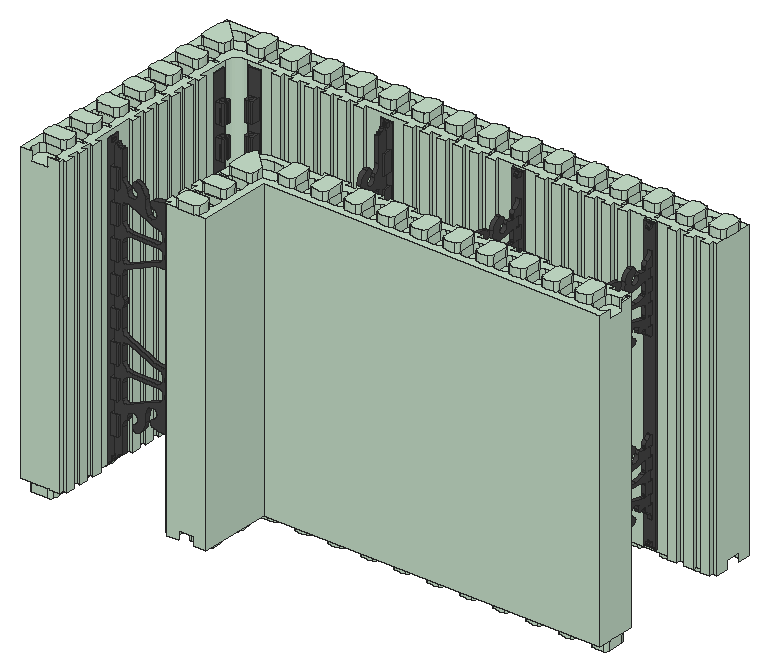
Revit family (continued)
Forms (in)
  Extrusion 50, void
    sketch origin (6, 0, 0) x (-1, 0, 0) y (0, -1, 0)
      loop
        arc (-1.91675, -3.76455) -> (-1.92106, -3.78736) -> (-1.9334, -3.80702) r 0.0625
        arc (-1.9334, -3.80702) -> (-1.98276, -3.88568) -> (-2, -3.97692) r 0.25
        line (-2, -3.97692) -> (-2, -4.89808)
        arc (-2, -4.89808) -> (-1.95215, -5.04517) -> (-1.82692, -5.13595) r 0.25
    from 0 to 0.5
  Extrusion 51, void
    sketch origin (8, 0, 0) x (-1, 0, 0) y (0, -1, 0)
      loop
        arc (-1.82692, -5.13595) -> (-1.5, -5.1875) -> (-1.17308, -5.13595) r 1.0625
        arc (-1.17308, -5.13595) -> (-1.04785, -5.04517) -> (-1, -4.89808) r 0.25
        line (-1, -4.89808) -> (-1, -3.97692)
        arc (-1, -3.97692) -> (-1.04785, -3.82983) -> (-1.17308, -3.73905) r 0.25
        arc (-1.17308, -3.73905) -> (-1.42092, -3.69045) -> (-1.67323, -3.70172) r 1.0625
        arc (-1.67323, -3.70172) -> (-1.72385, -3.68771) -> (-1.74592, -3.64005) r 0.0625
        line (-1.74592, -3.64005) -> (-1.74592, -3.41845) -> (-1.91675, -3.41845) -> (-1.91675, -3.76455)
        arc (-1.91675, -3.76455) -> (-1.92106, -3.78736) -> (-1.9334, -3.80702) r 0.0625
        arc (-1.9334, -3.80702) -> (-1.98276, -3.88568) -> (-2, -3.97692) r 0.25
        line (-2, -3.97692) -> (-2, -4.89808)
        arc (-2, -4.89808) -> (-1.95215, -5.04517) -> (-1.82692, -5.13595) r 0.25
    from 0 to 0.5
  Extrusion 52, void
    sketch origin (10, 0, 0) x (-1, 0, 0) y (0, -1, 0)
      loop
        arc (-1.82692, -5.13595) -> (-1.5, -5.1875) -> (-1.17308, -5.13595) r 1.0625
        arc (-1.17308, -5.13595) -> (-1.04785, -5.04517) -> (-1, -4.89808) r 0.25
        line (-1, -4.89808) -> (-1, -3.97692)
        arc (-1, -3.97692) -> (-1.04785, -3.82983) -> (-1.17308, -3.73905) r 0.25
        arc (-1.17308, -3.73905) -> (-1.42092, -3.69045) -> (-1.67323, -3.70172) r 1.0625
        arc (-1.67323, -3.70172) -> (-1.72385, -3.68771) -> (-1.74592, -3.64005) r 0.0625
        line (-1.74592, -3.64005) -> (-1.74592, -3.41845) -> (-1.91675, -3.41845) -> (-1.91675, -3.76455)
        arc (-1.91675, -3.76455) -> (-1.92106, -3.78736) -> (-1.9334, -3.80702) r 0.0625
        arc (-1.9334, -3.80702) -> (-1.98276, -3.88568) -> (-2, -3.97692) r 0.25
        line (-2, -3.97692) -> (-2, -4.89808)
        arc (-2, -4.89808) -> (-1.95215, -5.04517) -> (-1.82692, -5.13595) r 0.25
    from 0 to 0.5
  Extrusion 53, void
    sketch origin (12, 0, 0) x (-1, 0, 0) y (0, -1, 0)
      loop
        arc (-1.82692, -5.13595) -> (-1.5, -5.1875) -> (-1.17308, -5.13595) r 1.0625
        arc (-1.17308, -5.13595) -> (-1.04785, -5.04517) -> (-1, -4.89808) r 0.25
        line (-1, -4.89808) -> (-1, -3.97692)
        arc (-1, -3.97692) -> (-1.04785, -3.82983) -> (-1.17308, -3.73905) r 0.25
        arc (-1.17308, -3.73905) -> (-1.42092, -3.69045) -> (-1.67323, -3.70172) r 1.0625
        arc (-1.67323, -3.70172) -> (-1.72385, -3.68771) -> (-1.74592, -3.64005) r 0.0625
        line (-1.74592, -3.64005) -> (-1.74592, -3.41845) -> (-1.91675, -3.41845) -> (-1.91675, -3.76455)
        arc (-1.91675, -3.76455) -> (-1.92106, -3.78736) -> (-1.9334, -3.80702) r 0.0625
        arc (-1.9334, -3.80702) -> (-1.98276, -3.88568) -> (-2, -3.97692) r 0.25
        line (-2, -3.97692) -> (-2, -4.89808)
        arc (-2, -4.89808) -> (-1.95215, -5.04517) -> (-1.82692, -5.13595) r 0.25
    from 0 to 0.5
  Extrusion 54, void
    sketch origin (14, 0, 0) x (-1, 0, 0) y (0, -1, 0)
      loop
        arc (-1.82692, -5.13595) -> (-1.5, -5.1875) -> (-1.17308, -5.13595) r 1.0625
        arc (-1.17308, -5.13595) -> (-1.04785, -5.04517) -> (-1, -4.89808) r 0.25
        line (-1, -4.89808) -> (-1, -3.97692)
        arc (-1, -3.97692) -> (-1.04785, -3.82983) -> (-1.17308, -3.73905) r 0.25
        arc (-1.17308, -3.73905) -> (-1.42092, -3.69045) -> (-1.67323, -3.70172) r 1.0625
        arc (-1.67323, -3.70172) -> (-1.72385, -3.68771) -> (-1.74592, -3.64005) r 0.0625
        line (-1.74592, -3.64005) -> (-1.74592, -3.41845) -> (-1.91675, -3.41845) -> (-1.91675, -3.76455)
        arc (-1.91675, -3.76455) -> (-1.92106, -3.78736) -> (-1.9334, -3.80702) r 0.0625
        arc (-1.9334, -3.80702) -> (-1.98276, -3.88568) -> (-2, -3.97692) r 0.25
        line (-2, -3.97692) -> (-2, -4.89808)
        arc (-2, -4.89808) -> (-1.95215, -5.04517) -> (-1.82692, -5.13595) r 0.25
    from 0 to 0.5
  Extrusion 55, void
    sketch origin (16, 0, 0) x (-1, 0, 0) y (0, -1, 0)
      loop
        arc (-1.82692, -5.13595) -> (-1.5, -5.1875) -> (-1.17308, -5.13595) r 1.0625
        arc (-1.17308, -5.13595) -> (-1.04785, -5.04517) -> (-1, -4.89808) r 0.25
        line (-1, -4.89808) -> (-1, -3.97692)
        arc (-1, -3.97692) -> (-1.04785, -3.82983) -> (-1.17308, -3.73905) r 0.25
        arc (-1.17308, -3.73905) -> (-1.42092, -3.69045) -> (-1.67323, -3.70172) r 1.0625
        arc (-1.67323, -3.70172) -> (-1.72385, -3.68771) -> (-1.74592, -3.64005) r 0.0625
        line (-1.74592, -3.64005) -> (-1.74592, -3.41845) -> (-1.91675, -3.41845) -> (-1.91675, -3.76455)
        arc (-1.91675, -3.76455) -> (-1.92106, -3.78736) -> (-1.9334, -3.80702) r 0.0625
        arc (-1.9334, -3.80702) -> (-1.98276, -3.88568) -> (-2, -3.97692) r 0.25
        line (-2, -3.97692) -> (-2, -4.89808)
        arc (-2, -4.89808) -> (-1.95215, -5.04517) -> (-1.82692, -5.13595) r 0.25
    from 0 to 0.5
  Extrusion 56, void
    sketch origin (18, 0, 0) x (-1, 0, 0) y (0, -1, 0)
      loop
        arc (-1.82692, -5.13595) -> (-1.5, -5.1875) -> (-1.17308, -5.13595) r 1.0625
        arc (-1.17308, -5.13595) -> (-1.04785, -5.04517) -> (-1, -4.89808) r 0.25
        line (-1, -4.89808) -> (-1, -3.97692)
        arc (-1, -3.97692) -> (-1.04785, -3.82983) -> (-1.17308, -3.73905) r 0.25
        arc (-1.17308, -3.73905) -> (-1.42092, -3.69045) -> (-1.67323, -3.70172) r 1.0625
        arc (-1.67323, -3.70172) -> (-1.72385, -3.68771) -> (-1.74592, -3.64005) r 0.0625
        line (-1.74592, -3.64005) -> (-1.74592, -3.41845) -> (-1.91675, -3.41845) -> (-1.91675, -3.76455)
        arc (-1.91675, -3.76455) -> (-1.92106, -3.78736) -> (-1.9334, -3.80702) r 0.0625
        arc (-1.9334, -3.80702) -> (-1.98276, -3.88568) -> (-2, -3.97692) r 0.25
        line (-2, -3.97692) -> (-2, -4.89808)
        arc (-2, -4.89808) -> (-1.95215, -5.04517) -> (-1.82692, -5.13595) r 0.25
    from 0 to 0.5
  Extrusion 57, void
    sketch origin (20, 0, 0) x (-1, 0, 0) y (0, -1, 0)
      loop
        arc (-1.82692, -5.13595) -> (-1.5, -5.1875) -> (-1.17308, -5.13595) r 1.0625
        arc (-1.17308, -5.13595) -> (-1.04785, -5.04517) -> (-1, -4.89808) r 0.25
        line (-1, -4.89808) -> (-1, -3.97692)
        arc (-1, -3.97692) -> (-1.04785, -3.82983) -> (-1.17308, -3.73905) r 0.25
        arc (-1.17308, -3.73905) -> (-1.42092, -3.69045) -> (-1.67323, -3.70172) r 1.0625
        arc (-1.67323, -3.70172) -> (-1.72385, -3.68771) -> (-1.74592, -3.64005) r 0.0625
        line (-1.74592, -3.64005) -> (-1.74592, -3.41845) -> (-1.91675, -3.41845) -> (-1.91675, -3.76455)
        arc (-1.91675, -3.76455) -> (-1.92106, -3.78736) -> (-1.9334, -3.80702) r 0.0625
        arc (-1.9334, -3.80702) -> (-1.98276, -3.88568) -> (-2, -3.97692) r 0.25
        line (-2, -3.97692) -> (-2, -4.89808)
        arc (-2, -4.89808) -> (-1.95215, -5.04517) -> (-1.82692, -5.13595) r 0.25
    from 0 to 0.5
  Extrusion 58, void
    sketch origin (22, 0, 0) x (-1, 0, 0) y (0, -1, 0)
      loop
        arc (-1.82692, -5.13595) -> (-1.5, -5.1875) -> (-1.17308, -5.13595) r 1.0625
        arc (-1.17308, -5.13595) -> (-1.04785, -5.04517) -> (-1, -4.89808) r 0.25
        line (-1, -4.89808) -> (-1, -3.97692)
        arc (-1, -3.97692) -> (-1.04785, -3.82983) -> (-1.17308, -3.73905) r 0.25
        arc (-1.17308, -3.73905) -> (-1.42092, -3.69045) -> (-1.67323, -3.70172) r 1.0625
        arc (-1.67323, -3.70172) -> (-1.72385, -3.68771) -> (-1.74592, -3.64005) r 0.0625
        line (-1.74592, -3.64005) -> (-1.74592, -3.41845) -> (-1.91675, -3.41845) -> (-1.91675, -3.76455)
        arc (-1.91675, -3.76455) -> (-1.92106, -3.78736) -> (-1.9334, -3.80702) r 0.0625
        arc (-1.9334, -3.80702) -> (-1.98276, -3.88568) -> (-2, -3.97692) r 0.25
        line (-2, -3.97692) -> (-2, -4.89808)
        arc (-2, -4.89808) -> (-1.95215, -5.04517) -> (-1.82692, -5.13595) r 0.25
    from 0 to 0.5
  Extrusion 59, void
    sketch origin (24, 0, 0) x (-1, 0, 0) y (0, -1, 0)
      loop
        arc (-1.82692, -5.13595) -> (-1.5, -5.1875) -> (-1.17308, -5.13595) r 1.0625
        arc (-1.17308, -5.13595) -> (-1.04785, -5.04517) -> (-1, -4.89808) r 0.25
        line (-1, -4.89808) -> (-1, -3.97692)
        arc (-1, -3.97692) -> (-1.04785, -3.82983) -> (-1.17308, -3.73905) r 0.25
        arc (-1.17308, -3.73905) -> (-1.42092, -3.69045) -> (-1.67323, -3.70172) r 1.0625
        arc (-1.67323, -3.70172) -> (-1.72385, -3.68771) -> (-1.74592, -3.64005) r 0.0625
        line (-1.74592, -3.64005) -> (-1.74592, -3.41845) -> (-1.91675, -3.41845) -> (-1.91675, -3.76455)
        arc (-1.91675, -3.76455) -> (-1.92106, -3.78736) -> (-1.9334, -3.80702) r 0.0625
        arc (-1.9334, -3.80702) -> (-1.98276, -3.88568) -> (-2, -3.97692) r 0.25
        line (-2, -3.97692) -> (-2, -4.89808)
        arc (-2, -4.89808) -> (-1.95215, -5.04517) -> (-1.82692, -5.13595) r 0.25
    from 0 to 0.5
  Extrusion 60, void
    sketch origin (0, -18, 0) x (1, 0, 0) y (0, 1, 0)
      loop
        arc (3.97692, 9) -> (3.82983, 8.95215) -> (3.73905, 8.82692) r 0.25
        arc (3.73905, 8.82692) -> (3.69045, 8.57908) -> (3.70172, 8.32677) r 1.0625
        arc (3.70172, 8.32677) -> (3.68771, 8.27615) -> (3.64005, 8.25408) r 0.0625
        line (3.64005, 8.25408) -> (3.41845, 8.25408) -> (3.41845, 8.08325) -> (3.76455, 8.08325)
        arc (3.76455, 8.08325) -> (3.78736, 8.07894) -> (3.80702, 8.0666) r 0.0625
        arc (3.80702, 8.0666) -> (3.88568, 8.01724) -> (3.97692, 8) r 0.25
        line (3.97692, 8) -> (4.89808, 8)
        arc (4.89808, 8) -> (5.04517, 8.04785) -> (5.13595, 8.17308) r 0.25
        arc (5.13595, 8.17308) -> (5.1875, 8.5) -> (5.13595, 8.82692) r 1.0625
        arc (5.13595, 8.82692) -> (5.04517, 8.95215) -> (4.89808, 9) r 0.25
        line (4.89808, 9) -> (3.97692, 9)
    from 0 to 0.5
  Extrusion 61, void
    sketch origin (0, -16, 0) x (1, 0, 0) y (0, 1, 0)
      loop
        arc (3.97692, 9) -> (3.82983, 8.95215) -> (3.73905, 8.82692) r 0.25
        arc (3.73905, 8.82692) -> (3.69045, 8.57908) -> (3.70172, 8.32677) r 1.0625
        arc (3.70172, 8.32677) -> (3.68771, 8.27615) -> (3.64005, 8.25408) r 0.0625
        line (3.64005, 8.25408) -> (3.41845, 8.25408) -> (3.41845, 8.08325) -> (3.76455, 8.08325)
        arc (3.76455, 8.08325) -> (3.78736, 8.07894) -> (3.80702, 8.0666) r 0.0625
        arc (3.80702, 8.0666) -> (3.88568, 8.01724) -> (3.97692, 8) r 0.25
        line (3.97692, 8) -> (4.89808, 8)
        arc (4.89808, 8) -> (5.04517, 8.04785) -> (5.13595, 8.17308) r 0.25
        arc (5.13595, 8.17308) -> (5.1875, 8.5) -> (5.13595, 8.82692) r 1.0625
        arc (5.13595, 8.82692) -> (5.04517, 8.95215) -> (4.89808, 9) r 0.25
        line (4.89808, 9) -> (3.97692, 9)
    from 0 to 0.5
  Extrusion 62, void
    sketch origin (0, 0, 0) x (0, -1, 0) y (1, 0, 0)
      loop
        line (4.6875, 3.6875) -> (5.5, 3.6875)
        arc (5.5, 3.6875) -> (5.58691, 3.69106) -> (5.67323, 3.70172) r 1.0625
        arc (5.67323, 3.70172) -> (5.72385, 3.68771) -> (5.74592, 3.64005) r 0.0625
        line (5.74592, 3.64005) -> (5.74592, 3.41845) -> (5.91675, 3.41845) -> (5.91675, 3.76455)
        arc (5.91675, 3.76455) -> (5.92106, 3.78736) -> (5.9334, 3.80702) r 0.0625
        arc (5.9334, 3.80702) -> (5.98276, 3.88568) -> (6, 3.97692) r 0.25
        line (6, 3.97692) -> (6, 4.89808)
        arc (6, 4.89808) -> (5.95215, 5.04517) -> (5.82692, 5.13595) r 0.25
        arc (5.82692, 5.13595) -> (5.66548, 5.17453) -> (5.5, 5.1875) r 1.0625
        line (5.5, 5.1875) -> (5.1875, 5.1875) -> (3.98039, 3.98039)
        arc (3.98039, 3.98039) -> (4.30482, 3.76362) -> (4.6875, 3.6875) r 1
    from 0 to 0.5
  Extrusion 63, void
    sketch origin (14, 0, 0) x (-1, 0, 0) y (0, -1, 0)
      loop
        arc (7, 3.97692) -> (7.04785, 3.82983) -> (7.17308, 3.73905) r 0.25
        arc (7.17308, 3.73905) -> (7.42092, 3.69045) -> (7.67323, 3.70172) r 1.0625
        arc (7.67323, 3.70172) -> (7.72385, 3.68771) -> (7.74592, 3.64005) r 0.0625
        line (7.74592, 3.64005) -> (7.74592, 3.41845) -> (7.91675, 3.41845) -> (7.91675, 3.76455)
        arc (7.91675, 3.76455) -> (7.92106, 3.78736) -> (7.9334, 3.80702) r 0.0625
        arc (7.9334, 3.80702) -> (7.98276, 3.88568) -> (8, 3.97692) r 0.25
        line (8, 3.97692) -> (8, 4.89808)
        arc (8, 4.89808) -> (7.95215, 5.04517) -> (7.82692, 5.13595) r 0.25
        arc (7.82692, 5.13595) -> (7.5, 5.1875) -> (7.17308, 5.13595) r 1.0625
        arc (7.17308, 5.13595) -> (7.04785, 5.04517) -> (7, 4.89808) r 0.25
        line (7, 4.89808) -> (7, 3.97692)
    from 0 to 0.5
  Extrusion 64, void
    sketch origin (16, 0, 0) x (-1, 0, 0) y (0, -1, 0)
      loop
        arc (7, 3.97692) -> (7.04785, 3.82983) -> (7.17308, 3.73905) r 0.25
        arc (7.17308, 3.73905) -> (7.42092, 3.69045) -> (7.67323, 3.70172) r 1.0625
        arc (7.67323, 3.70172) -> (7.72385, 3.68771) -> (7.74592, 3.64005) r 0.0625
        line (7.74592, 3.64005) -> (7.74592, 3.41845) -> (7.91675, 3.41845) -> (7.91675, 3.76455)
        arc (7.91675, 3.76455) -> (7.92106, 3.78736) -> (7.9334, 3.80702) r 0.0625
        arc (7.9334, 3.80702) -> (7.98276, 3.88568) -> (8, 3.97692) r 0.25
        line (8, 3.97692) -> (8, 4.89808)
        arc (8, 4.89808) -> (7.95215, 5.04517) -> (7.82692, 5.13595) r 0.25
        arc (7.82692, 5.13595) -> (7.5, 5.1875) -> (7.17308, 5.13595) r 1.0625
        arc (7.17308, 5.13595) -> (7.04785, 5.04517) -> (7, 4.89808) r 0.25
        line (7, 4.89808) -> (7, 3.97692)
    from 0 to 0.5
  Extrusion 65, void
    sketch origin (18, 0, 0) x (-1, 0, 0) y (0, -1, 0)
      loop
        arc (7, 3.97692) -> (7.04785, 3.82983) -> (7.17308, 3.73905) r 0.25
        arc (7.17308, 3.73905) -> (7.42092, 3.69045) -> (7.67323, 3.70172) r 1.0625
        arc (7.67323, 3.70172) -> (7.72385, 3.68771) -> (7.74592, 3.64005) r 0.0625
        line (7.74592, 3.64005) -> (7.74592, 3.41845) -> (7.91675, 3.41845) -> (7.91675, 3.76455)
        arc (7.91675, 3.76455) -> (7.92106, 3.78736) -> (7.9334, 3.80702) r 0.0625
        arc (7.9334, 3.80702) -> (7.98276, 3.88568) -> (8, 3.97692) r 0.25
        line (8, 3.97692) -> (8, 4.89808)
        arc (8, 4.89808) -> (7.95215, 5.04517) -> (7.82692, 5.13595) r 0.25
        arc (7.82692, 5.13595) -> (7.5, 5.1875) -> (7.17308, 5.13595) r 1.0625
        arc (7.17308, 5.13595) -> (7.04785, 5.04517) -> (7, 4.89808) r 0.25
        line (7, 4.89808) -> (7, 3.97692)
    from 0 to 0.5
  Extrusion 66, void
    sketch origin (20, 0, 0) x (-1, 0, 0) y (0, -1, 0)
      loop
        arc (7, 3.97692) -> (7.04785, 3.82983) -> (7.17308, 3.73905) r 0.25
        arc (7.17308, 3.73905) -> (7.42092, 3.69045) -> (7.67323, 3.70172) r 1.0625
        arc (7.67323, 3.70172) -> (7.72385, 3.68771) -> (7.74592, 3.64005) r 0.0625
        line (7.74592, 3.64005) -> (7.74592, 3.41845) -> (7.91675, 3.41845) -> (7.91675, 3.76455)
        arc (7.91675, 3.76455) -> (7.92106, 3.78736) -> (7.9334, 3.80702) r 0.0625
        arc (7.9334, 3.80702) -> (7.98276, 3.88568) -> (8, 3.97692) r 0.25
        line (8, 3.97692) -> (8, 4.89808)
        arc (8, 4.89808) -> (7.95215, 5.04517) -> (7.82692, 5.13595) r 0.25
        arc (7.82692, 5.13595) -> (7.5, 5.1875) -> (7.17308, 5.13595) r 1.0625
        arc (7.17308, 5.13595) -> (7.04785, 5.04517) -> (7, 4.89808) r 0.25
        line (7, 4.89808) -> (7, 3.97692)
    from 0 to 0.5
  Extrusion 67, void
    sketch origin (22, 0, 0) x (-1, 0, 0) y (0, -1, 0)
      loop
        arc (7, 3.97692) -> (7.04785, 3.82983) -> (7.17308, 3.73905) r 0.25
        arc (7.17308, 3.73905) -> (7.42092, 3.69045) -> (7.67323, 3.70172) r 1.0625
        arc (7.67323, 3.70172) -> (7.72385, 3.68771) -> (7.74592, 3.64005) r 0.0625
        line (7.74592, 3.64005) -> (7.74592, 3.41845) -> (7.91675, 3.41845) -> (7.91675, 3.76455)
        arc (7.91675, 3.76455) -> (7.92106, 3.78736) -> (7.9334, 3.80702) r 0.0625
        arc (7.9334, 3.80702) -> (7.98276, 3.88568) -> (8, 3.97692) r 0.25
        line (8, 3.97692) -> (8, 4.89808)
        arc (8, 4.89808) -> (7.95215, 5.04517) -> (7.82692, 5.13595) r 0.25
        arc (7.82692, 5.13595) -> (7.5, 5.1875) -> (7.17308, 5.13595) r 1.0625
        arc (7.17308, 5.13595) -> (7.04785, 5.04517) -> (7, 4.89808) r 0.25
        line (7, 4.89808) -> (7, 3.97692)
    from 0 to 0.5
  Extrusion 68, void
    sketch origin (24, 0, 0) x (-1, 0, 0) y (0, -1, 0)
      loop
        arc (7, 3.97692) -> (7.04785, 3.82983) -> (7.17308, 3.73905) r 0.25
        arc (7.17308, 3.73905) -> (7.42092, 3.69045) -> (7.67323, 3.70172) r 1.0625
        arc (7.67323, 3.70172) -> (7.72385, 3.68771) -> (7.74592, 3.64005) r 0.0625
        line (7.74592, 3.64005) -> (7.74592, 3.41845) -> (7.91675, 3.41845) -> (7.91675, 3.76455)
        arc (7.91675, 3.76455) -> (7.92106, 3.78736) -> (7.9334, 3.80702) r 0.0625
        arc (7.9334, 3.80702) -> (7.98276, 3.88568) -> (8, 3.97692) r 0.25
        line (8, 3.97692) -> (8, 4.89808)
        arc (8, 4.89808) -> (7.95215, 5.04517) -> (7.82692, 5.13595) r 0.25
        arc (7.82692, 5.13595) -> (7.5, 5.1875) -> (7.17308, 5.13595) r 1.0625
        arc (7.17308, 5.13595) -> (7.04785, 5.04517) -> (7, 4.89808) r 0.25
        line (7, 4.89808) -> (7, 3.97692)
    from 0 to 0.5
  Extrusion 69, void
    sketch origin (26, 0, 0) x (-1, 0, 0) y (0, -1, 0)
      loop
        arc (7, 3.97692) -> (7.04785, 3.82983) -> (7.17308, 3.73905) r 0.25
        arc (7.17308, 3.73905) -> (7.42092, 3.69045) -> (7.67323, 3.70172) r 1.0625
        arc (7.67323, 3.70172) -> (7.72385, 3.68771) -> (7.74592, 3.64005) r 0.0625
        line (7.74592, 3.64005) -> (7.74592, 3.41845) -> (7.91675, 3.41845) -> (7.91675, 3.76455)
        arc (7.91675, 3.76455) -> (7.92106, 3.78736) -> (7.9334, 3.80702) r 0.0625
        arc (7.9334, 3.80702) -> (7.98276, 3.88568) -> (8, 3.97692) r 0.25
        line (8, 3.97692) -> (8, 4.89808)
        arc (8, 4.89808) -> (7.95215, 5.04517) -> (7.82692, 5.13595) r 0.25
        arc (7.82692, 5.13595) -> (7.5, 5.1875) -> (7.17308, 5.13595) r 1.0625
        arc (7.17308, 5.13595) -> (7.04785, 5.04517) -> (7, 4.89808) r 0.25
        line (7, 4.89808) -> (7, 3.97692)
    from 0 to 0.5
  Extrusion 70, void
    sketch origin (28, 0, 0) x (-1, 0, 0) y (0, -1, 0)
      loop
        arc (7, 3.97692) -> (7.04785, 3.82983) -> (7.17308, 3.73905) r 0.25
        arc (7.17308, 3.73905) -> (7.42092, 3.69045) -> (7.67323, 3.70172) r 1.0625
        arc (7.67323, 3.70172) -> (7.72385, 3.68771) -> (7.74592, 3.64005) r 0.0625
        line (7.74592, 3.64005) -> (7.74592, 3.41845) -> (7.91675, 3.41845) -> (7.91675, 3.76455)
        arc (7.91675, 3.76455) -> (7.92106, 3.78736) -> (7.9334, 3.80702) r 0.0625
        arc (7.9334, 3.80702) -> (7.98276, 3.88568) -> (8, 3.97692) r 0.25
        line (8, 3.97692) -> (8, 4.89808)
        arc (8, 4.89808) -> (7.95215, 5.04517) -> (7.82692, 5.13595) r 0.25
        arc (7.82692, 5.13595) -> (7.5, 5.1875) -> (7.17308, 5.13595) r 1.0625
        arc (7.17308, 5.13595) -> (7.04785, 5.04517) -> (7, 4.89808) r 0.25
        line (7, 4.89808) -> (7, 3.97692)
    from 0 to 0.5
  Extrusion 71, void
    sketch origin (30, 0, 0) x (-1, 0, 0) y (0, -1, 0)
      loop
        arc (7, 3.97692) -> (7.04785, 3.82983) -> (7.17308, 3.73905) r 0.25
        arc (7.17308, 3.73905) -> (7.42092, 3.69045) -> (7.67323, 3.70172) r 1.0625
        arc (7.67323, 3.70172) -> (7.72385, 3.68771) -> (7.74592, 3.64005) r 0.0625
        line (7.74592, 3.64005) -> (7.74592, 3.41845) -> (7.91675, 3.41845) -> (7.91675, 3.76455)
        arc (7.91675, 3.76455) -> (7.92106, 3.78736) -> (7.9334, 3.80702) r 0.0625
        arc (7.9334, 3.80702) -> (7.98276, 3.88568) -> (8, 3.97692) r 0.25
        line (8, 3.97692) -> (8, 4.89808)
        arc (8, 4.89808) -> (7.95215, 5.04517) -> (7.82692, 5.13595) r 0.25
        arc (7.82692, 5.13595) -> (7.5, 5.1875) -> (7.17308, 5.13595) r 1.0625
        arc (7.17308, 5.13595) -> (7.04785, 5.04517) -> (7, 4.89808) r 0.25
        line (7, 4.89808) -> (7, 3.97692)
    from 0 to 0.5
  Extrusion 72, void
    sketch origin (32, 0, 0) x (-1, 0, 0) y (0, -1, 0)
      loop
        arc (7, 3.97692) -> (7.04785, 3.82983) -> (7.17308, 3.73905) r 0.25
        arc (7.17308, 3.73905) -> (7.42092, 3.69045) -> (7.67323, 3.70172) r 1.0625
        arc (7.67323, 3.70172) -> (7.72385, 3.68771) -> (7.74592, 3.64005) r 0.0625
        line (7.74592, 3.64005) -> (7.74592, 3.41845) -> (7.91675, 3.41845) -> (7.91675, 3.76455)
        arc (7.91675, 3.76455) -> (7.92106, 3.78736) -> (7.9334, 3.80702) r 0.0625
        arc (7.9334, 3.80702) -> (7.98276, 3.88568) -> (8, 3.97692) r 0.25
        line (8, 3.97692) -> (8, 4.89808)
        arc (8, 4.89808) -> (7.95215, 5.04517) -> (7.82692, 5.13595) r 0.25
        arc (7.82692, 5.13595) -> (7.5, 5.1875) -> (7.17308, 5.13595) r 1.0625
        arc (7.17308, 5.13595) -> (7.04785, 5.04517) -> (7, 4.89808) r 0.25
        line (7, 4.89808) -> (7, 3.97692)
    from 0 to 0.5
  Extrusion 73, void
    sketch origin (0, 0, 0) x (1, 0, 0) y (0, 1, 0)
      loop
        line (-3.6875, 3.6875) -> (-4.89461, 4.89461)
        arc (-4.89461, 4.89461) -> (-5.11138, 4.57018) -> (-5.1875, 4.1875) r 1
        line (-5.1875, 4.1875) -> (-5.1875, 3.5)
        arc (-5.1875, 3.5) -> (-5.17453, 3.33452) -> (-5.13595, 3.17308) r 1.0625
        arc (-5.13595, 3.17308) -> (-5.04517, 3.04785) -> (-4.89808, 3) r 0.25
        line (-4.89808, 3) -> (-3.97692, 3)
        arc (-3.97692, 3) -> (-3.82983, 3.04785) -> (-3.73905, 3.17308) r 0.25
        arc (-3.73905, 3.17308) -> (-3.70047, 3.33452) -> (-3.6875, 3.5) r 1.0625
        line (-3.6875, 3.5) -> (-3.6875, 3.6875)
    from 0 to 0.5
  Extrusion 74, solid, material "EPS- NUDURA- Foam Panel"
    sketch origin (0, 0, 0) x (1, 0, 0) y (0, 1, 0)
      loop
        line (5.1875, -5.1875) -> (5.5, -5.1875)
        arc (5.5, -5.1875) -> (5.66548, -5.17453) -> (5.82692, -5.13595) r 1.0625
        arc (5.82692, -5.13595) -> (5.95215, -5.04517) -> (6, -4.89808) r 0.25
        line (6, -4.89808) -> (6, -3.97692)
        arc (6, -3.97692) -> (5.98276, -3.88568) -> (5.9334, -3.80702) r 0.25
        arc (5.9334, -3.80702) -> (5.88453, -3.7662) -> (5.82692, -3.73905) r 0.25
        arc (5.82692, -3.73905) -> (5.75077, -3.71752) -> (5.67323, -3.70172) r 1.0625
        arc (5.67323, -3.70172) -> (5.58691, -3.69106) -> (5.5, -3.6875) r 1.0625
        line (5.5, -3.6875) -> (4.6875, -3.6875)
        arc (4.6875, -3.6875) -> (4.30482, -3.76362) -> (3.98039, -3.98039) r 1
        line (3.98039, -3.98039) -> (5.1875, -5.1875)
    from 0 to -0.5
  Extrusion 75, solid, material "EPS- NUDURA- Foam Panel"
    sketch origin (0, 0, 0) x (1, 0, 0) y (0, 1, 0)
      loop
        arc (-4.1875, 5.1875) -> (-4.57018, 5.11138) -> (-4.89461, 4.89461) r 1
        line (-4.89461, 4.89461) -> (-3.6875, 3.6875) -> (-3.5, 3.6875)
        arc (-3.5, 3.6875) -> (-3.33452, 3.70047) -> (-3.17308, 3.73905) r 1.0625
        arc (-3.17308, 3.73905) -> (-3.04785, 3.82983) -> (-3, 3.97692) r 0.25
        line (-3, 3.97692) -> (-3, 4.89808)
        arc (-3, 4.89808) -> (-3.04785, 5.04517) -> (-3.17308, 5.13595) r 0.25
        arc (-3.17308, 5.13595) -> (-3.33452, 5.17453) -> (-3.5, 5.1875) r 1.0625
        line (-3.5, 5.1875) -> (-4.1875, 5.1875)
    from 0 to -0.5
Cuts and joins
  Extrusion 4, Extrusion 5, Extrusion 6, Extrusion 7, Extrusion 8, Extrusion 9, Extrusion 10, Extrusion 11, Extrusion 12, Extrusion 13, Extrusion 14, Extrusion 15, Extrusion 16, Extrusion 17, Extrusion 18, Extrusion 19, Extrusion 20, Extrusion 21, Extrusion 22, Extrusion 23, Extrusion 24, Extrusion 25, Extrusion 26, Extrusion 27, Extrusion 28, Extrusion 29, Extrusion 30, Extrusion 31, Extrusion 32, Extrusion 33, Extrusion 34, Extrusion 35, Extrusion 36, Extrusion 37, Extrusion 38, Extrusion 39, Extrusion 40, Extrusion 41, Extrusion 42, Extrusion 43, Extrusion 44, Extrusion 45, Extrusion 46, Extrusion 47, Extrusion 48, Extrusion 49, Extrusion 50, Extrusion 51, Extrusion 52, Extrusion 53, Extrusion 54, Extrusion 55, Extrusion 56, Extrusion 57, Extrusion 58, Extrusion 59, Extrusion 60, Extrusion 61, Extrusion 62, Extrusion 63, Extrusion 64, Extrusion 65, Extrusion 66, Extrusion 67, Extrusion 68, Extrusion 69, Extrusion 70, Extrusion 71, Extrusion 72, Extrusion 73 cuts Extrusion 1
  Extrusion 10, Extrusion 13 cuts Extrusion 3
  Extrusion 14 cuts Extrusion 2
Lines and regions (in)
  model lines
    curve 1: line (-5.625, -2, 18) -> (-5.625, -2, 0)
    curve 2: line (17.9334, 5.625, 18) -> (17.9334, 5.625, 0)
    curve 3: line (2, 5.625, 0) -> (2, 5.625, 18)
Dimensions and locks (in)
  locked: plane 4 to plane 5 at 6
  locked: plane 7 to plane 6 at 6
  locked: level to plane 10 at 18
  locked: plane 11 to plane 9 at 15.625
  locked: plane 13 to plane 12 at 11.25
  aligned: plane 10 to Extrusion 1
  aligned and locked: nested 80 to cut or joined group 1 (Extrusion 1, Extrusion 4, Extrusion 5, Extrusion 6, Extrusion 7, Extrusion 8, Extrusion 9, Extrusion 10, Extrusion 11, Extrusion 12, Extrusion 13, Extrusion 14, Extrusion 15, Extrusion 16, Extrusion 17, Extrusion 18, Extrusion 19, Extrusion 20, Extrusion 21, Extrusion 22, Extrusion 23, Extrusion 24, Extrusion 25, Extrusion 26, Extrusion 27, Extrusion 28, Extrusion 29, Extrusion 30, Extrusion 31, Extrusion 32, Extrusion 33, Extrusion 34, Extrusion 35, Extrusion 36, Extrusion 37, Extrusion 38, Extrusion 39, Extrusion 40, Extrusion 41, Extrusion 42, Extrusion 43, Extrusion 44, Extrusion 45, Extrusion 46, Extrusion 47, Extrusion 48, Extrusion 49, Extrusion 50, Extrusion 51, Extrusion 52, Extrusion 53, Extrusion 54, Extrusion 55, Extrusion 56, Extrusion 57, Extrusion 58, Extrusion 59, Extrusion 60, Extrusion 61, Extrusion 62, Extrusion 63, Extrusion 64, Extrusion 65, Extrusion 66, Extrusion 67, Extrusion 68, Extrusion 69, Extrusion 70, Extrusion 71, Extrusion 72, Extrusion 73)
  aligned and locked: cut or joined group 1 to nested 82
Nested families (in)
  nested 1: "Interlock Tooth" at (0, -8, 0) x (0, -1, 0) z (0, 0, 1), type "Interlock Tooth"
  nested 2: "Interlock Tooth" at (0, -6, 0) x (0, -1, 0) z (0, 0, 1), type "Interlock Tooth"
  nested 3: "Interlock Tooth" at (0, -4, 0) x (0, -1, 0) z (0, 0, 1), type "Interlock Tooth"
  nested 4: "Interlock Tooth" at (0, -2, 0) x (0, -1, 0) z (0, 0, 1), type "Interlock Tooth"
  nested 5: "Interlock Tooth" at (0, 0, 0) x (0, -1, 0) z (0, 0, 1), type "Interlock Tooth"
  nested 6: "Interlock Tooth" at (0, 2, 0) x (0, -1, 0) z (0, 0, 1), type "Interlock Tooth"
  nested 7: "Interlock Tooth" at (0, -9, 0) x (0, -1, 0) z (0, 0, 1), type "Interlock Tooth"
  nested 8: "Interlock Tooth" at (0, -7, 0) x (0, -1, 0) z (0, 0, 1), type "Interlock Tooth"
  nested 9: "Interlock Tooth" at (0, -8, -18.5) x (0, -1, 0) z (0, 0, 1), type "Interlock Tooth"
  nested 10: "Interlock Tooth" at (0, -6, -18.5) x (0, -1, 0) z (0, 0, 1), type "Interlock Tooth"
  nested 11: "Interlock Tooth" at (-8.875, -9, -18.5) x (0, -1, 0) z (0, 0, 1), type "Interlock Tooth"
  nested 12: "Interlock Tooth" at (-8.875, -7, -18.5) x (0, -1, 0) z (0, 0, 1), type "Interlock Tooth"
  nested 13: "Interlock Tooth" at (-8.875, -5, -18.5) x (0, -1, 0) z (0, 0, 1), type "Interlock Tooth"
  nested 14: "Interlock Tooth" at (-8.875, -3, -18.5) x (0, -1, 0) z (0, 0, 1), type "Interlock Tooth"
  nested 15: "Interlock Tooth" at (-8.875, -1, -18.5) x (0, -1, 0) z (0, 0, 1), type "Interlock Tooth"
  nested 16: "Interlock Tooth" at (-8.875, 1, -18.5) x (0, -1, 0) z (0, 0, 1), type "Interlock Tooth"
  nested 17: "Interlock Tooth" at (-8.875, 3, -18.5) x (0, -1, 0) z (0, 0, 1), type "Interlock Tooth"
  nested 18: "Interlock Tooth" at (6, 0, 0), type "Interlock Tooth"
  nested 19: "Interlock Tooth" at (8, 0, 0), type "Interlock Tooth"
  nested 20: "Interlock Tooth" at (10, 0, 0), type "Interlock Tooth"
  nested 21: "Interlock Tooth" at (12, 0, 0), type "Interlock Tooth"
  nested 22: "Interlock Tooth" at (14, 0, 0), type "Interlock Tooth"
  nested 23: "Interlock Tooth" at (16, 0, 0), type "Interlock Tooth"
  nested 24: "Interlock Tooth" at (18, 0, 0), type "Interlock Tooth"
  nested 25: "Interlock Tooth" at (20, 0, 0), type "Interlock Tooth"
  nested 26: "Interlock Tooth" at (22, 0, 0), type "Interlock Tooth"
  nested 27: "Interlock Tooth" at (24, 0, 0), type "Interlock Tooth"
  nested 28: "Interlock Tooth" at (-3, 0, 0), type "Interlock Tooth"
  nested 29: "Interlock Tooth" at (-1, 0, 0), type "Interlock Tooth"
  nested 30: "Interlock Tooth" at (1, 0, 0), type "Interlock Tooth"
  nested 31: "Interlock Tooth" at (3, 0, 0), type "Interlock Tooth"
  nested 32: "Interlock Tooth" at (5, 0, 0), type "Interlock Tooth"
  nested 33: "Interlock Tooth" at (7, 0, 0), type "Interlock Tooth"
  nested 34: "Interlock Tooth" at (9, 0, 0), type "Interlock Tooth"
  nested 35: "Interlock Tooth" at (11, 0, 0), type "Interlock Tooth"
  nested 36: "Interlock Tooth" at (13, 0, 0), type "Interlock Tooth"
  nested 37: "Interlock Tooth" at (15, 0, 0), type "Interlock Tooth"
  nested 38: "Interlock Tooth" at (17, 0, 0), type "Interlock Tooth"
  nested 39: "Interlock Tooth" at (19, 0, 0), type "Interlock Tooth"
  nested 40: "Interlock Tooth" at (21, 0, 0), type "Interlock Tooth"
  nested 41: "Interlock Tooth" at (23, 0, 0), type "Interlock Tooth"
  nested 42: "Interlock Tooth" at (25, 0, 0), type "Interlock Tooth"
  nested 43: "Interlock Tooth" at (7, -8.875, -18.5), type "Interlock Tooth"
  nested 44: "Interlock Tooth" at (9, -8.875, -18.5), type "Interlock Tooth"
  nested 45: "Interlock Tooth" at (11, -8.875, -18.5), type "Interlock Tooth"
  nested 46: "Interlock Tooth" at (13, -8.875, -18.5), type "Interlock Tooth"
  nested 47: "Interlock Tooth" at (15, -8.875, -18.5), type "Interlock Tooth"
  nested 48: "Interlock Tooth" at (17, -8.875, -18.5), type "Interlock Tooth"
  nested 49: "Interlock Tooth" at (19, -8.875, -18.5), type "Interlock Tooth"
  nested 50: "Interlock Tooth" at (21, -8.875, -18.5), type "Interlock Tooth"
  nested 51: "Interlock Tooth" at (23, -8.875, -18.5), type "Interlock Tooth"
  nested 52: "Interlock Tooth" at (25, -8.875, -18.5), type "Interlock Tooth"
  nested 53: "Interlock Tooth" at (-2, 0, -18.5), type "Interlock Tooth"
  nested 54: "Interlock Tooth" at (0, 0, -18.5), type "Interlock Tooth"
  nested 55: "Interlock Tooth" at (2, 0, -18.5), type "Interlock Tooth"
  nested 56: "Interlock Tooth" at (4, 0, -18.5), type "Interlock Tooth"
  nested 57: "Interlock Tooth" at (6, 0, -18.5), type "Interlock Tooth"
  nested 58: "Interlock Tooth" at (8, 0, -18.5), type "Interlock Tooth"
  nested 59: "Interlock Tooth" at (10, 0, -18.5), type "Interlock Tooth"
  nested 60: "Interlock Tooth" at (12, 0, -18.5), type "Interlock Tooth"
  nested 61: "Interlock Tooth" at (14, 0, -18.5), type "Interlock Tooth"
  nested 62: "Interlock Tooth" at (16, 0, -18.5), type "Interlock Tooth"
  nested 63: "Interlock Tooth" at (18, 0, -18.5), type "Interlock Tooth"
  nested 64: "Interlock Tooth" at (20, 0, -18.5), type "Interlock Tooth"
  nested 65: "Interlock Tooth" at (22, 0, -18.5), type "Interlock Tooth"
  nested 66: "Interlock Tooth" at (24, 0, -18.5), type "Interlock Tooth"
  nested 67: "NUDURA Diamond Pattern" at (18, 0, 0), type "NUDURA Diamond Pattern"
  nested 68: "NUDURA Diamond Pattern" at (18, 11.25, 0), type "NUDURA Diamond Pattern"
  nested 69: "NUDURA Diamond Pattern" at (2, 11.25, 0), type "NUDURA Diamond Pattern"
  nested 70: "6-inch Web" at (22, 0.005, 0), type "6-inch Web"
  nested 71: "6-inch Web" at (14, 0.005, 0), type "6-inch Web"
  nested 72: "6 inch Insert Web" at (6, 0, 0), type "6 inch Insert Web"
  nested 73: "6 inch Insert Web" at (0, -6, 0) x (0, 1, 0) z (0, 0, 1), type "6 inch Insert Web"
  nested 74: "Capture Lug" at (-2, 0, 0) x (-1, 0, 0) z (0, 0, 1), type "Capture Lugs"
  nested 75: "Capture Lug" at (0, 2, 0) x (0, -1, 0) z (0, 0, 1), type "Capture Lugs"
  nested 76: "NUDURA Diamond Pattern Missing One Line" at (-11.25, -2, 0) x (0, 1, 0) z (0, 0, 1), type "NUDURA Diamond Pattern minus one line"
  nested 77: "NUDURA Diamond Pattern Missing Two lines" at (0, -10, 0) x (0, 1, 0) z (0, 0, 1), type "NUDURA Diamond Pattern minus Two lines"
  nested 78: "NUDURA Diamond Pattern Missing Left Line" at (2, 0, 0), type "NUDURA Diamond Pattern missing left line"
  nested 79: "NUDURA Logo Diamond" at (2.00256, -5.625, 0), type "NUDURA Logo Diamond"
  nested 80: "NUDURA Logo Diamond" at (-5.625, 5.99744, 0) x (0, -1, 0) z (0, 0, 1), type "NUDURA Logo Diamond"
  nested 81: "NUDURA Logo Diamond" at (26, 5.625, 0) x (-1, 0, 0) z (0, 0, 1), type "NUDURA Logo Diamond"
  nested 82: "NUDURA Logo Diamond Missing Outside Line" at (9.99744, 5.625, 0) x (-1, 0, 0) z (0, 0, 1), type "NUDURA Logo Diamond without Outside Line"
Definition of nested family "Interlock Tooth"
  Reference planes (in)
    plane 1 "Center (Front/Back)": y = 0
    plane 2: z = 0
    plane 3 "Center (Left/Right)": x = 0
    plane 4: z = 18
    plane 5: z = 18.5
    plane 6: z = -0.5
  Forms (in)
    Extrusion 1, solid, material "EPS- NUDURA- Foam Panel"
      sketch origin (0, -8.875, 0) x (1, 0, 0) y (0, 1, 0)
        loop
          arc (0, 3.97692) -> (0.04785, 3.82983) -> (0.17308, 3.73905) r 0.25
          arc (0.17308, 3.73905) -> (0.5, 3.6875) -> (0.82692, 3.73905) r 1.0625
          arc (0.82692, 3.73905) -> (0.95215, 3.82983) -> (1, 3.97692) r 0.25
          line (1, 3.97692) -> (1, 4.89808)
          arc (1, 4.89808) -> (0.95215, 5.04517) -> (0.82692, 5.13595) r 0.25
          arc (0.82692, 5.13595) -> (0.5, 5.1875) -> (0.17308, 5.13595) r 1.0625
          arc (0.17308, 5.13595) -> (0.04785, 5.04517) -> (0, 4.89808) r 0.25
          line (0, 4.89808) -> (0, 3.97692)
      from 18 to 18.5
  Dimensions and locks (in)
    locked: plane 4 to level at 18
    locked: plane 4 to plane 5 at 0.5
    locked: plane 6 to level at 0.5
Definition of nested family "6-inch Web"
  Reference planes (in)
    plane 1 "Center (Front/Back)": y = 0
    plane 2: z = 0
    plane 3 "Center (Left/Right)": x = 0
  Forms (in)
    Extrusion 1, solid, material "Polypropylene- NUDURA"
      sketch origin (0, 0, -0.5) x (0, 1, 0) y (0, 0, 1)
        loop
          line (2.995, 3.6038) -> (2.8844, 3.6038) -> (2.8844, 3.6738) -> (3.1275, 3.6738)
          arc (3.1275, 3.6738) -> (3.17169, 3.65549) -> (3.19, 3.6113) r 0.0625
          line (3.19, 3.6113) -> (3.19, 4.3963)
          arc (3.19, 4.3963) -> (3.17169, 4.3521) -> (3.1275, 4.3338) r 0.0625
          line (3.1275, 4.3338) -> (2.8844, 4.3338) -> (2.8844, 4.4038) -> (2.995, 4.4038) -> (2.995, 4.9038) -> (2.8844, 4.9038) -> (2.8844, 4.9738) -> (3.1275, 4.9738)
          arc (3.1275, 4.9738) -> (3.17169, 4.95549) -> (3.19, 4.9113) r 0.0625
          line (3.19, 4.9113) -> (3.19, 5.6963)
          arc (3.19, 5.6963) -> (3.17169, 5.6521) -> (3.1275, 5.6338) r 0.0625
          line (3.1275, 5.6338) -> (2.8844, 5.6338) -> (2.8844, 5.7038) -> (2.995, 5.7038) -> (2.995, 6.20377) -> (2.8844, 6.20377) -> (2.8844, 6.2738) -> (3.1275, 6.2738)
          arc (3.1275, 6.2738) -> (3.17169, 6.25549) -> (3.19, 6.2113) r 0.0625
          line (3.19, 6.2113) -> (3.19, 6.8109) -> (3.09, 6.8109)
          arc (3.09, 6.8109) -> (2.98601, 6.70794) -> (2.85666, 6.6395) r 0.5
          arc (2.85666, 6.6395) -> (2.73587, 6.54813) -> (2.69, 6.4038) r 0.25
          line (2.69, 6.4038) -> (2.69, 6.3363)
          arc (2.69, 6.3363) -> (2.7083, 6.2921) -> (2.7525, 6.2738) r 0.0625
          line (2.7525, 6.2738) -> (2.80974, 6.2738) -> (2.80974, 6.20377) -> (2.695, 6.20377)
          arc (2.695, 6.20377) -> (2.49379, 6.21279) -> (2.29847, 6.26195) r 1
          arc (2.29847, 6.26195) -> (2.20889, 6.24343) -> (2.18179, 6.15605) r 0.09
          arc (2.18179, 6.15605) -> (1.74446, 5.81508) -> (1.77171, 6.36896) r 0.305
          arc (1.77171, 6.36896) -> (1.89426, 6.65493) -> (1.60829, 6.77748) r 0.22
          arc (1.60829, 6.77748) -> (1.32045, 6.57189) -> (1.15988, 6.25672) r 0.745
          arc (1.15988, 6.25672) -> (1.09328, 5.94527) -> (0.99404, 5.64264) r 3
          arc (0.99404, 5.64264) -> (0.48542, 5.5766) -> (0.63581, 6.06695) r 0.305
          arc (0.63581, 6.06695) -> (0.81067, 6.29127) -> (0.64859, 6.52499) r 0.24
          arc (0.64859, 6.52499) -> (0.32877, 6.60587) -> (0, 6.63308) r 2
          arc (0, 6.63308) -> (-0.32877, 6.60587) -> (-0.64859, 6.52499) r 2
          arc (-0.64859, 6.52499) -> (-0.81067, 6.29127) -> (-0.63581, 6.06695) r 0.24
          arc (-0.63581, 6.06695) -> (-0.48542, 5.5766) -> (-0.99404, 5.64264) r 0.305
          arc (-0.99404, 5.64264) -> (-1.09328, 5.94527) -> (-1.15988, 6.25672) r 3
          arc (-1.15988, 6.25672) -> (-1.32045, 6.57189) -> (-1.60829, 6.77748) r 0.745
          arc (-1.60829, 6.77748) -> (-1.89426, 6.65493) -> (-1.77171, 6.36896) r 0.22
          arc (-1.77171, 6.36896) -> (-1.74446, 5.81508) -> (-2.18179, 6.15605) r 0.305
          arc (-2.18179, 6.15605) -> (-2.20889, 6.24343) -> (-2.29847, 6.26195) r 0.09
          arc (-2.29847, 6.26195) -> (-2.49379, 6.21279) -> (-2.695, 6.20377) r 1
          line (-2.695, 6.20377) -> (-2.80974, 6.20377) -> (-2.80974, 6.2738) -> (-2.7525, 6.2738)
          arc (-2.7525, 6.2738) -> (-2.7083, 6.2921) -> (-2.69, 6.3363) r 0.0625
          line (-2.69, 6.3363) -> (-2.69, 6.4038)
          arc (-2.69, 6.4038) -> (-2.73587, 6.54813) -> (-2.85666, 6.6395) r 0.25
          arc (-2.85666, 6.6395) -> (-2.98601, 6.70794) -> (-3.09, 6.8109) r 0.5
          line (-3.09, 6.8109) -> (-3.19, 6.8109) -> (-3.19, 6.2113)
          arc (-3.19, 6.2113) -> (-3.17169, 6.25549) -> (-3.1275, 6.2738) r 0.0625
          line (-3.1275, 6.2738) -> (-2.8844, 6.2738) -> (-2.8844, 6.20377) -> (-2.995, 6.20377) -> (-2.995, 5.7038) -> (-2.8844, 5.7038) -> (-2.8844, 5.6338) -> (-3.1275, 5.6338)
          arc (-3.1275, 5.6338) -> (-3.17169, 5.6521) -> (-3.19, 5.6963) r 0.0625
          line (-3.19, 5.6963) -> (-3.19, 4.9113)
          arc (-3.19, 4.9113) -> (-3.17169, 4.95549) -> (-3.1275, 4.9738) r 0.0625
          line (-3.1275, 4.9738) -> (-2.8844, 4.9738) -> (-2.8844, 4.9038) -> (-2.995, 4.9038) -> (-2.995, 4.4038) -> (-2.8844, 4.4038) -> (-2.8844, 4.3338) -> (-3.1275, 4.3338)
          arc (-3.1275, 4.3338) -> (-3.17169, 4.3521) -> (-3.19, 4.3963) r 0.0625
          line (-3.19, 4.3963) -> (-3.19, 3.6113)
          arc (-3.19, 3.6113) -> (-3.17169, 3.65549) -> (-3.1275, 3.6738) r 0.0625
          line (-3.1275, 3.6738) -> (-2.8844, 3.6738) -> (-2.8844, 3.6038) -> (-2.995, 3.6038) -> (-2.995, 3.10383) -> (-2.8844, 3.10383) -> (-2.8844, 3.0338) -> (-3.1275, 3.0338)
          arc (-3.1275, 3.0338) -> (-3.17169, 3.0521) -> (-3.19, 3.0963) r 0.0625
          line (-3.19, 3.0963) -> (-3.19, 2.19669)
          arc (-3.19, 2.19669) -> (-3.09824, 2.48537) -> (-2.85666, 2.6681) r 0.5
          arc (-2.85666, 2.6681) -> (-2.73587, 2.75946) -> (-2.69, 2.9038) r 0.25
          line (-2.69, 2.9038) -> (-2.69, 2.9713)
          arc (-2.69, 2.9713) -> (-2.7083, 3.01549) -> (-2.7525, 3.0338) r 0.0625
          line (-2.7525, 3.0338) -> (-2.80974, 3.0338) -> (-2.80974, 3.10383) -> (-2.695, 3.10383)
          arc (-2.695, 3.10383) -> (-2.49379, 3.0948) -> (-2.29847, 3.04565) r 1
          arc (-2.29847, 3.04565) -> (-2.20889, 3.06417) -> (-2.18179, 3.15155) r 0.09
          arc (-2.18179, 3.15155) -> (-1.74446, 3.49251) -> (-1.77171, 2.93864) r 0.305
          arc (-1.77171, 2.93864) -> (-1.89426, 2.65266) -> (-1.60829, 2.53012) r 0.22
          arc (-1.60829, 2.53012) -> (-1.32045, 2.7357) -> (-1.15988, 3.05087) r 0.745
          arc (-1.15988, 3.05087) -> (-1.09328, 3.36232) -> (-0.99404, 3.66495) r 3
          arc (-0.99404, 3.66495) -> (-0.48542, 3.73099) -> (-0.63581, 3.24065) r 0.305
          arc (-0.63581, 3.24065) -> (-0.81067, 3.01633) -> (-0.64859, 2.7826) r 0.24
          arc (-0.64859, 2.7826) -> (-0.32877, 2.70172) -> (0, 2.67451) r 2
          arc (0, 2.67451) -> (0.32877, 2.70172) -> (0.64859, 2.7826) r 2
          arc (0.64859, 2.7826) -> (0.81067, 3.01633) -> (0.63581, 3.24065) r 0.24
          arc (0.63581, 3.24065) -> (0.48542, 3.73099) -> (0.99404, 3.66495) r 0.305
          arc (0.99404, 3.66495) -> (1.09328, 3.36232) -> (1.15988, 3.05087) r 3
          arc (1.15988, 3.05087) -> (1.32045, 2.7357) -> (1.60829, 2.53012) r 0.745
          arc (1.60829, 2.53012) -> (1.89426, 2.65266) -> (1.77171, 2.93864) r 0.22
          arc (1.77171, 2.93864) -> (1.74446, 3.49251) -> (2.18179, 3.15155) r 0.305
          arc (2.18179, 3.15155) -> (2.20889, 3.06417) -> (2.29847, 3.04565) r 0.09
          arc (2.29847, 3.04565) -> (2.49379, 3.0948) -> (2.695, 3.10383) r 1
          line (2.695, 3.10383) -> (2.80974, 3.10383) -> (2.80974, 3.0338) -> (2.7525, 3.0338)
          arc (2.7525, 3.0338) -> (2.7083, 3.01549) -> (2.69, 2.9713) r 0.0625
          line (2.69, 2.9713) -> (2.69, 2.9038)
          arc (2.69, 2.9038) -> (2.73587, 2.75946) -> (2.85666, 2.6681) r 0.25
          arc (2.85666, 2.6681) -> (3.09824, 2.48537) -> (3.19, 2.19669) r 0.5
          line (3.19, 2.19669) -> (3.19, 3.0963)
          arc (3.19, 3.0963) -> (3.17169, 3.0521) -> (3.1275, 3.0338) r 0.0625
          line (3.1275, 3.0338) -> (2.8844, 3.0338) -> (2.8844, 3.10383) -> (2.995, 3.10383) -> (2.995, 3.6038)
        loop
          arc (0.38913, 4.5638) -> (0.16047, 4.35863) -> (0.33976, 4.10916) r 0.23
          line (0.33976, 4.10916) -> (2.551, 3.6276)
          arc (2.551, 3.6276) -> (2.62256, 3.61307) -> (2.695, 3.6038) r 1
          line (2.695, 3.6038) -> (2.80974, 3.6038) -> (2.80974, 3.6738) -> (2.7525, 3.6738)
          arc (2.7525, 3.6738) -> (2.7083, 3.6921) -> (2.69, 3.7363) r 0.0625
          line (2.69, 3.7363) -> (2.69, 4.2713)
          arc (2.69, 4.2713) -> (2.7083, 4.31549) -> (2.7525, 4.3338) r 0.0625
          line (2.7525, 4.3338) -> (2.80974, 4.3338) -> (2.80974, 4.4038) -> (2.695, 4.4038)
          arc (2.695, 4.4038) -> (2.64143, 4.4115) -> (2.59139, 4.43213) r 0.21872
          arc (2.59139, 4.43213) -> (2.29477, 4.52761) -> (1.98527, 4.5638) r 1.6
          line (1.98527, 4.5638) -> (0.38913, 4.5638)
        loop
          line (2.695, 4.9038) -> (2.80974, 4.9038) -> (2.80974, 4.9738) -> (2.7525, 4.9738)
          arc (2.7525, 4.9738) -> (2.7083, 4.9921) -> (2.69, 5.0363) r 0.0625
          line (2.69, 5.0363) -> (2.69, 5.5713)
          arc (2.69, 5.5713) -> (2.7083, 5.61549) -> (2.7525, 5.6338) r 0.0625
          line (2.7525, 5.6338) -> (2.80974, 5.6338) -> (2.80974, 5.7038) -> (2.695, 5.7038)
          arc (2.695, 5.7038) -> (2.62256, 5.69453) -> (2.551, 5.67999) r 1
          line (2.551, 5.67999) -> (0.33976, 5.19844)
          arc (0.33976, 5.19844) -> (0.16047, 4.94897) -> (0.38913, 4.7438) r 0.23
          line (0.38913, 4.7438) -> (1.98527, 4.7438)
          arc (1.98527, 4.7438) -> (2.29477, 4.77998) -> (2.59139, 4.87547) r 1.6
          arc (2.59139, 4.87547) -> (2.64143, 4.89609) -> (2.695, 4.9038) r 0.21872
        loop
          line (-2.59482, 3.61806) -> (-0.33976, 4.10916)
          arc (-0.33976, 4.10916) -> (-0.16047, 4.35863) -> (-0.38913, 4.5638) r 0.23
          line (-0.38913, 4.5638) -> (-1.98527, 4.5638)
          arc (-1.98527, 4.5638) -> (-2.29477, 4.52761) -> (-2.59139, 4.43213) r 1.6
          arc (-2.59139, 4.43213) -> (-2.64143, 4.4115) -> (-2.695, 4.4038) r 0.21872
          line (-2.695, 4.4038) -> (-2.80974, 4.4038) -> (-2.80974, 4.3338) -> (-2.7525, 4.3338)
          arc (-2.7525, 4.3338) -> (-2.7083, 4.31549) -> (-2.69, 4.2713) r 0.0625
          line (-2.69, 4.2713) -> (-2.69, 3.7363)
          arc (-2.69, 3.7363) -> (-2.7083, 3.6921) -> (-2.7525, 3.6738) r 0.0625
          line (-2.7525, 3.6738) -> (-2.80974, 3.6738) -> (-2.80974, 3.6038) -> (-2.695, 3.6038)
          arc (-2.695, 3.6038) -> (-2.64473, 3.60966) -> (-2.59482, 3.61806) r 1
        loop
          arc (-2.695, 4.9038) -> (-2.64143, 4.89609) -> (-2.59139, 4.87547) r 0.21872
          arc (-2.59139, 4.87547) -> (-2.29477, 4.77998) -> (-1.98527, 4.7438) r 1.6
          line (-1.98527, 4.7438) -> (-0.38913, 4.7438)
          arc (-0.38913, 4.7438) -> (-0.16047, 4.94897) -> (-0.33976, 5.19844) r 0.23
          line (-0.33976, 5.19844) -> (-2.551, 5.67999)
          arc (-2.551, 5.67999) -> (-2.62256, 5.69453) -> (-2.695, 5.7038) r 1
          line (-2.695, 5.7038) -> (-2.80974, 5.7038) -> (-2.80974, 5.6338) -> (-2.7525, 5.6338)
          arc (-2.7525, 5.6338) -> (-2.7083, 5.61549) -> (-2.69, 5.5713) r 0.0625
          line (-2.69, 5.5713) -> (-2.69, 5.0363)
          arc (-2.69, 5.0363) -> (-2.7083, 4.9921) -> (-2.7525, 4.9738) r 0.0625
          line (-2.7525, 4.9738) -> (-2.80974, 4.9738) -> (-2.80974, 4.9038) -> (-2.695, 4.9038)
        loop
          arc (3.19, 0.98503) -> (3.18374, 0.9705) -> (3.16889, 0.96506) r 0.02
          line (3.16889, 0.96506) -> (3.01111, 0.97383)
          arc (3.01111, 0.97383) -> (2.99625, 0.96839) -> (2.99, 0.95386) r 0.02
          line (2.99, 0.95386) -> (2.99, 0.88265)
          arc (2.99, 0.88265) -> (2.99414, 0.86744) -> (3.00543, 0.85643) r 0.03
          line (3.00543, 0.85643) -> (3.17457, 0.76246)
          arc (3.17457, 0.76246) -> (3.18585, 0.75145) -> (3.19, 0.73624) r 0.03
          line (3.19, 0.73624) -> (3.19, 0.98503)
        loop
          line (-3.19, 0.98503) -> (-3.19, 0.73624)
          arc (-3.19, 0.73624) -> (-3.18585, 0.75145) -> (-3.17457, 0.76246) r 0.03
          line (-3.17457, 0.76246) -> (-3.00543, 0.85643)
          arc (-3.00543, 0.85643) -> (-2.99414, 0.86744) -> (-2.99, 0.88265) r 0.03
          line (-2.99, 0.88265) -> (-2.99, 0.95386)
          arc (-2.99, 0.95386) -> (-2.99625, 0.96839) -> (-3.01111, 0.97383) r 0.02
          line (-3.01111, 0.97383) -> (-3.16889, 0.96506)
          arc (-3.16889, 0.96506) -> (-3.18374, 0.9705) -> (-3.19, 0.98503) r 0.02
        loop
          line (2.995, 15.3962) -> (2.995, 15.89617) -> (2.8844, 15.89617) -> (2.8844, 15.9662) -> (3.1275, 15.9662)
          arc (3.1275, 15.9662) -> (3.17169, 15.9479) -> (3.19, 15.9037) r 0.0625
          line (3.19, 15.9037) -> (3.19, 16.80331)
          arc (3.19, 16.80331) -> (3.09824, 16.51463) -> (2.85666, 16.3319) r 0.5
          arc (2.85666, 16.3319) -> (2.73587, 16.24054) -> (2.69, 16.0962) r 0.25
          line (2.69, 16.0962) -> (2.69, 16.0287)
          arc (2.69, 16.0287) -> (2.7083, 15.98451) -> (2.7525, 15.9662) r 0.0625
          line (2.7525, 15.9662) -> (2.80974, 15.9662) -> (2.80974, 15.89617) -> (2.695, 15.89617)
          arc (2.695, 15.89617) -> (2.49379, 15.9052) -> (2.29847, 15.95435) r 1
          arc (2.29847, 15.95435) -> (2.20889, 15.93583) -> (2.18179, 15.84845) r 0.09
          arc (2.18179, 15.84845) -> (1.74446, 15.50749) -> (1.77171, 16.06136) r 0.305
          arc (1.77171, 16.06136) -> (1.89426, 16.34734) -> (1.60829, 16.46988) r 0.22
          arc (1.60829, 16.46988) -> (1.32045, 16.2643) -> (1.15988, 15.94913) r 0.745
          arc (1.15988, 15.94913) -> (1.09328, 15.63768) -> (0.99404, 15.33505) r 3
          arc (0.99404, 15.33505) -> (0.48542, 15.26901) -> (0.63581, 15.75935) r 0.305
          arc (0.63581, 15.75935) -> (0.81067, 15.98367) -> (0.64859, 16.2174) r 0.24
          arc (0.64859, 16.2174) -> (0.32877, 16.29828) -> (0, 16.32549) r 2
          arc (0, 16.32549) -> (-0.32877, 16.29828) -> (-0.64859, 16.2174) r 2
          arc (-0.64859, 16.2174) -> (-0.81067, 15.98367) -> (-0.63581, 15.75935) r 0.24
          arc (-0.63581, 15.75935) -> (-0.48542, 15.26901) -> (-0.99404, 15.33505) r 0.305
          arc (-0.99404, 15.33505) -> (-1.09328, 15.63768) -> (-1.15988, 15.94913) r 3
          arc (-1.15988, 15.94913) -> (-1.32045, 16.2643) -> (-1.60829, 16.46988) r 0.745
          arc (-1.60829, 16.46988) -> (-1.89426, 16.34734) -> (-1.77171, 16.06136) r 0.22
          arc (-1.77171, 16.06136) -> (-1.74446, 15.50749) -> (-2.18179, 15.84845) r 0.305
          arc (-2.18179, 15.84845) -> (-2.20889, 15.93583) -> (-2.29847, 15.95435) r 0.09
          arc (-2.29847, 15.95435) -> (-2.49379, 15.9052) -> (-2.695, 15.89617) r 1
          line (-2.695, 15.89617) -> (-2.80974, 15.89617) -> (-2.80974, 15.9662) -> (-2.7525, 15.9662)
          arc (-2.7525, 15.9662) -> (-2.7083, 15.98451) -> (-2.69, 16.0287) r 0.0625
          line (-2.69, 16.0287) -> (-2.69, 16.0962)
          arc (-2.69, 16.0962) -> (-2.73587, 16.24054) -> (-2.85666, 16.3319) r 0.25
          arc (-2.85666, 16.3319) -> (-3.09824, 16.51463) -> (-3.19, 16.80331) r 0.5
          line (-3.19, 16.80331) -> (-3.19, 15.9037)
          arc (-3.19, 15.9037) -> (-3.17169, 15.9479) -> (-3.1275, 15.9662) r 0.0625
          line (-3.1275, 15.9662) -> (-2.8844, 15.9662) -> (-2.8844, 15.89617) -> (-2.995, 15.89617) -> (-2.995, 15.3962) -> (-2.8844, 15.3962) -> (-2.8844, 15.3262) -> (-3.1275, 15.3262)
          arc (-3.1275, 15.3262) -> (-3.17169, 15.34451) -> (-3.19, 15.3887) r 0.0625
          line (-3.19, 15.3887) -> (-3.19, 14.6037)
          arc (-3.19, 14.6037) -> (-3.17169, 14.6479) -> (-3.1275, 14.6662) r 0.0625
          line (-3.1275, 14.6662) -> (-2.8844, 14.6662) -> (-2.8844, 14.5962) -> (-2.995, 14.5962) -> (-2.995, 14.0962) -> (-2.8844, 14.0962) -> (-2.8844, 14.0262) -> (-3.1275, 14.0262)
          arc (-3.1275, 14.0262) -> (-3.17169, 14.04451) -> (-3.19, 14.0887) r 0.0625
          line (-3.19, 14.0887) -> (-3.19, 13.3037)
          arc (-3.19, 13.3037) -> (-3.17169, 13.3479) -> (-3.1275, 13.3662) r 0.0625
          line (-3.1275, 13.3662) -> (-2.8844, 13.3662) -> (-2.8844, 13.2962) -> (-2.995, 13.2962) -> (-2.995, 12.79623) -> (-2.8844, 12.79623) -> (-2.8844, 12.7262) -> (-3.1275, 12.7262)
          arc (-3.1275, 12.7262) -> (-3.17169, 12.74451) -> (-3.19, 12.7887) r 0.0625
          line (-3.19, 12.7887) -> (-3.19, 12.1891) -> (-3.09, 12.1891)
          arc (-3.09, 12.1891) -> (-2.98601, 12.29206) -> (-2.85666, 12.3605) r 0.5
          arc (-2.85666, 12.3605) -> (-2.73587, 12.45187) -> (-2.69, 12.5962) r 0.25
          line (-2.69, 12.5962) -> (-2.69, 12.6637)
          arc (-2.69, 12.6637) -> (-2.7083, 12.7079) -> (-2.7525, 12.7262) r 0.0625
          line (-2.7525, 12.7262) -> (-2.80974, 12.7262) -> (-2.80974, 12.79623) -> (-2.695, 12.79623)
          arc (-2.695, 12.79623) -> (-2.49379, 12.78721) -> (-2.29847, 12.73805) r 1
          arc (-2.29847, 12.73805) -> (-2.20889, 12.75657) -> (-2.18179, 12.84395) r 0.09
          arc (-2.18179, 12.84395) -> (-1.74446, 13.18492) -> (-1.77171, 12.63104) r 0.305
          arc (-1.77171, 12.63104) -> (-1.89426, 12.34507) -> (-1.60829, 12.22252) r 0.22
          arc (-1.60829, 12.22252) -> (-1.32045, 12.42811) -> (-1.15988, 12.74328) r 0.745
          arc (-1.15988, 12.74328) -> (-1.09328, 13.05473) -> (-0.99404, 13.35736) r 3
          arc (-0.99404, 13.35736) -> (-0.48542, 13.4234) -> (-0.63581, 12.93305) r 0.305
          arc (-0.63581, 12.93305) -> (-0.81067, 12.70873) -> (-0.64859, 12.47501) r 0.24
          arc (-0.64859, 12.47501) -> (-0.32877, 12.39413) -> (0, 12.36692) r 2
          arc (0, 12.36692) -> (0.32877, 12.39413) -> (0.64859, 12.47501) r 2
          arc (0.64859, 12.47501) -> (0.81067, 12.70873) -> (0.63581, 12.93305) r 0.24
          arc (0.63581, 12.93305) -> (0.48542, 13.4234) -> (0.99404, 13.35736) r 0.305
          arc (0.99404, 13.35736) -> (1.09328, 13.05473) -> (1.15988, 12.74328) r 3
          arc (1.15988, 12.74328) -> (1.32045, 12.42811) -> (1.60829, 12.22252) r 0.745
          arc (1.60829, 12.22252) -> (1.89426, 12.34507) -> (1.77171, 12.63104) r 0.22
